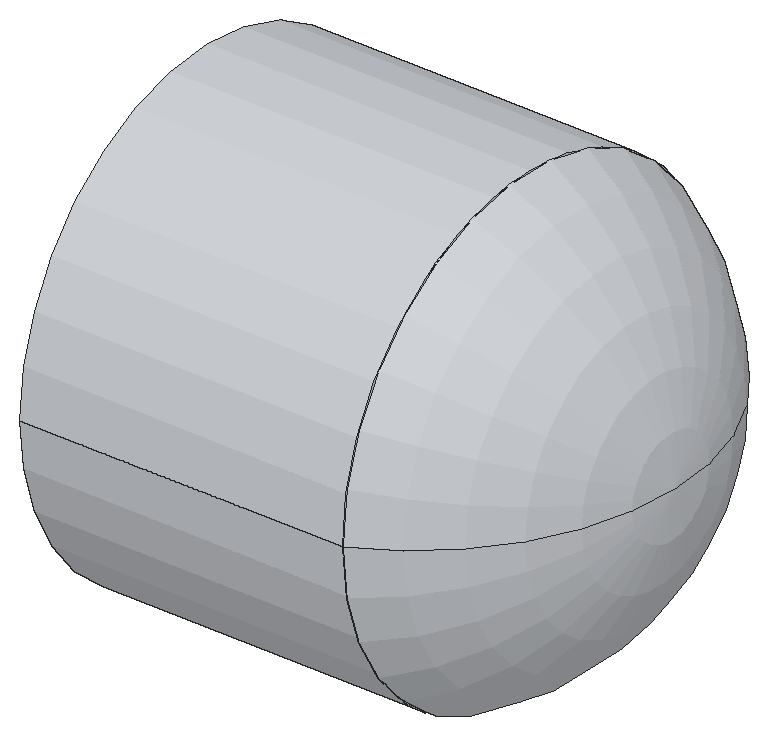
Revit family "M_Cobertura - PVC - Sch 40", category Conexões de tubo, Revit 2019
Family settings
  Cota do conector redondo = Usar raio
  Tipo de parte = Cobertura
  Número OmniClass = 23.60.30.11.14
  Título OmniClass = Pipework Fittings
  ID de item do Seek = Cap - PVC - Sch 40-0000-CAN-ENU
  Com base no plano de trabalho = Não
  Sempre na vertical = Sim
  Corte com vazios quando carregada = Não
  Compartilhado = Não
Parameters (values of type "Padrão")
  Comprimento do soquete [instance] = size_lookup(Nome da tabela de pesquisa, "SLgt", 0.44 * Diâmetro nominal + 15.974 mm, Diâmetro nominal)  # 19.05 mm
  Raio 1 [instance] = (Altura - Comprimento do soquete) / 2 + 0.5 * (Raio externo do soquete ^ 2) / (Altura - Comprimento do soquete)  # 15.413 mm
  Raio nominal [instance] = 7.5 mm
  Diâmetro nominal [instance] = Raio nominal * 2  # 15 mm
  Método de perda = Não definido
  Nome da tabela de pesquisa = "M_Cap - PVC - Sch 40"
  Comprimento 1 [instance] = sqrt((Raio 1 - (Altura - Comprimento do soquete)) ^ 2 + Raio externo do soquete ^ 2)  # 15.413 mm
  Altura [instance] = size_lookup(Nome da tabela de pesquisa, "Hgt", 0.67 * Diâmetro nominal + 21.332 mm, Diâmetro nominal)  # 27.686 mm
  Raio externo do soquete [instance] = Diâmetro externo do soquete / 2  # 13.843 mm
  Diâmetro externo do soquete [instance] = size_lookup(Nome da tabela de pesquisa, "SOD", 1.11 * Diâmetro nominal + 13.692 mm, Diâmetro nominal)  # 27.686 mm
Reference planes
  plane 1 "Centro (Frente/Trás)": y = 0
  plane 2: z = 0
  plane 3 "Centro (Esquerda/Direita)": x = 0
  plane 4: x = 19.05
  plane 5: x = 27.686
  plane 6: y = 13.843
  plane 7: x = 12.273
  plane 8: x = 27.686
Forms (mm)
  Extrusion 1, solid, detail levels fine
    sketch origin (0, 0, 0) x (0, 1, 0) y (0, 0, 1)
      loop
        circle (0, 0) r 13.843
    from 0 to 19.05
  Revolve 2, solid, detail levels fine
    sketch origin (0, 0, 0) x (1, 0, 0) y (0, 1, 0)
      loop
        line (19.05, 13.843) -> (19.05, 0) -> (27.686, 0)
        arc (27.686, 0) -> (25.35, 8.158) -> (19.05, 13.843) r 15.413
      axis (19.05, 0) -> (27.686, 0)
    angle from 0 to 360
Lines and regions (mm)
  model lines, detail levels coarse+medium
    curve 1: line (0, 13.843, 0) -> (27.686, 13.843, 0)
    curve 2: line (27.686, 13.843, 0) -> (27.686, -13.843, 0)
    curve 3: line (27.686, -13.843, 0) -> (0, -13.843, 0)
Dimensions and locks
  "Comprimento do soquete": plane 3 "Centro (Esquerda/Direita)" to plane 4
  "Altura": plane 3 "Centro (Esquerda/Direita)" to plane 5
  equal spacing: curve 3, plane 1 "Centro (Frente/Trás)", curve 1
  "Raio externo do soquete": plane 1 "Centro (Frente/Trás)" to curve 1
  "Raio externo do soquete": plane 1 "Centro (Frente/Trás)" to plane 6
  "Raio 1": plane 7 to plane 5
  "Comprimento 1": plane 7 to plane 8
  "Raio externo do soquete": radius of Extrusion 1 sketch curve
  aligned and locked: level to Extrusion 1 sketch curve
  aligned and locked: plane 1 "Centro (Frente/Trás)" to Extrusion 1 sketch curve
  aligned and locked: plane 4 to Extrusion 1
  aligned and locked: Extrusion 1 to plane 3 "Centro (Esquerda/Direita)"
  aligned and locked: curve 2 to plane 5
  aligned and locked: plane 3 "Centro (Esquerda/Direita)" to curve 1
  aligned and locked: plane 3 "Centro (Esquerda/Direita)" to curve 3
  aligned and locked: plane 1 "Centro (Frente/Trás)" to Revolve 2 sketch curve  (x4)
  aligned and locked: plane 7 to Revolve 2 sketch curve  (x2)
  aligned and locked: plane 4 to Revolve 2 sketch curve  (x3)
  aligned and locked: plane 6 to Revolve 2 sketch curve
Connectors
  piping at (0, 0, 0), diameter 15, driven by "Raio nominal"
    settings: on Extrusion 1, index 1, connector inside diameter 15 mm, connector length 0 mm, flow factor 0, pipe flow 0.0 L/s, pressure drop 0.0 Pa, fitting loss kfactor 0, connector angle 0.00°, fixture units 0, engagement length 0 mm, angle of deflection 0.00°, flow configuration 0, flow direction 0, fitting loss method 0, system type 28, joint type 0, gender type 0, connector reference index -1, connector utility 0, adjustable connector no, is connector primary yes, connector description ""
